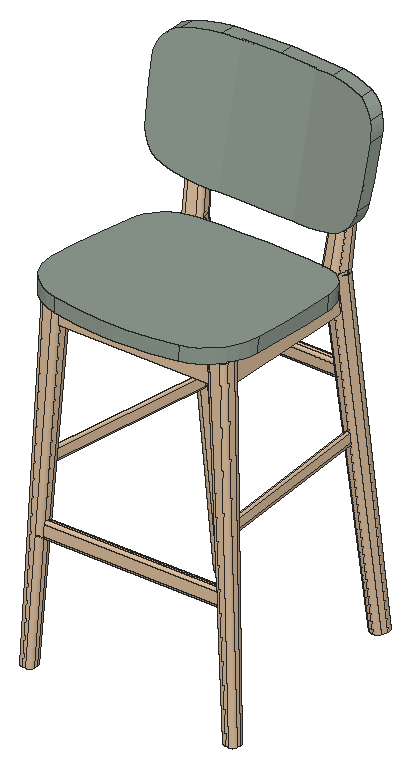
Revit family "FU_Stool_Sandler_Celina 4-11", category Furniture, Revit 2020
Family settings
  OmniClass Number = 23.40.20.00
  OmniClass Title = General Furniture and Specialties
  Work Plane-Based = No
  Always vertical = Yes
  Cut with Voids When Loaded = No
  Shared = No
  Room Calculation Point = No
Parameters (values of type "Celina 4.11")
  Width = 475 mm
  Upholstery = Fabric - Mainline Flax - Bayswater MLF24
  URL = "https://www.sandlerseating.com/product/celina-4-11/"
  Model = "Celina 4.11"
  Manufacturer = "Sandler"
  Height = 1090 mm
  Frame = Wood - Beech - Oiled Oak
  Description = "Counterstool with a fully upholstered seat and wooden back. The frame is in solid beech."
  Depth = 550 mm
  Default Elevation = 0 mm
Reference planes
  plane 1 "Center (Front/Back)": y = 0
  plane 2: z = 0
  plane 3 "Center (Left/Right)": x = 0
  plane 4 "Right": x = -237.5
  plane 5 "Left": x = 237.5
  plane 6 "Back": y = 275
  plane 7 "Front": y = -275
  plane 8 "Height": z = 1090
  plane 9 "Seat height": z = 770
  plane 10 "Seat Frame Base": through (4267.2, 159.453, 701.275) normal (0, -0.0523, -0.9986)
  plane 11: through (4267.2, 256.992, 4.174) normal (0, -0.9912, -0.1325)
  plane 12: through (4267.2, 195.782, 966.959) normal (0, 0.9866, -0.1633)
  plane 13 "BRL C FRONT": x = -169.085
  plane 14 "BL H": z = 741.259
  plane 15 "Cross Stretch RIGHT": z = 402.471
Forms (mm)
  Sweep 1, solid, material "Fabric - Mainline Flax - Bayswater MLF24" <- "Upholstery"
    path origin (0, 0, 0) x (0, 1, 0) y (0, 0, 1)
      loop
        line (154.569, 770) -> (234.758, 1108.042)
    profile "Pro_celina_Back_UPH : Pro_celina_Back_UPH" origin (0, 194.663, 939.021) x (0, -0.972998, 0.230812) y (1, 0, 0)
      loop
        arc (40.165, 250) -> (0, 0) -> (40.165, -250) r 798.125
        line (40.165, -250) -> (70.165, -250)
        arc (70.165, -250) -> (30, 0) -> (70.165, 250) r 798.125
        line (70.165, 250) -> (40.165, 250)
  Extrusion 2, void
    sketch origin (0, 0, 0) x (1, 0, 0) y (0, 0, 1)
      loop
        line (0, 1090) -> (-120, 1090)
        arc (-120, 1090) -> (-157.187, 1088.102) -> (-193.987, 1082.427) r 365.188
        arc (-193.987, 1082.427) -> (-214.772, 1073.022) -> (-229.541, 1055.635) r 52.064
        arc (-229.541, 1055.635) -> (-235.86, 1038.434) -> (-237.5, 1020.182) r 70.03
        arc (-237.5, 1020.182) -> (-236.007, 959.471) -> (-231.011, 898.947) r 1050.98
        arc (-231.011, 898.947) -> (-222.49, 872.227) -> (-204.346, 850.843) r 71.485
        arc (-204.346, 850.843) -> (-187.552, 840.272) -> (-168.882, 833.545) r 92.057
        arc (-168.882, 833.545) -> (-132.35, 824.773) -> (-95.021, 820.522) r 307.517
        arc (-95.021, 820.522) -> (-47.524, 818.407) -> (0, 817.032) r 3053.671
        arc (0, 817.032) -> (47.524, 818.407) -> (95.021, 820.522) r 3053.671
        arc (95.021, 820.522) -> (132.35, 824.773) -> (168.882, 833.545) r 307.517
        arc (168.882, 833.545) -> (187.552, 840.272) -> (204.346, 850.843) r 92.057
        arc (204.346, 850.843) -> (222.49, 872.227) -> (231.011, 898.947) r 71.485
        arc (231.011, 898.947) -> (236.007, 959.471) -> (237.5, 1020.182) r 1050.98
        arc (237.5, 1020.182) -> (235.86, 1038.434) -> (229.541, 1055.635) r 70.03
        arc (229.541, 1055.635) -> (214.772, 1073.022) -> (193.987, 1082.427) r 52.064
        arc (193.987, 1082.427) -> (157.187, 1088.102) -> (120, 1090) r 365.188
        line (120, 1090) -> (0, 1090)
      loop
        line (-260, 1133.116) -> (-260, 753.116) -> (260, 753.116) -> (260, 1133.116) -> (-260, 1133.116)
    from -246.089 to -69.951
  Extrusion 3, solid, material "Wood - Beech - Oiled Oak" <- "Frame"
    sketch origin (0, 37.088, 707.688) x (0, 0.99863, -0.052336) y (1, 0, 0)
      loop
        line (-206.882, 168.434) -> (113.974, 140.363) -> (116.413, 168.234) -> (-204.444, 196.305) -> (-206.882, 168.434)
    from -7 to 40
  Extrusion 4, solid, material "Wood - Beech - Oiled Oak" <- "Frame"
    sketch origin (0, 37.088, 707.688) x (0, 0.99863, -0.052336) y (1, 0, 0)
      loop
        line (-206.882, -168.434) -> (-204.444, -196.305) -> (116.413, -168.234) -> (113.974, -140.363) -> (-206.882, -168.434)
    from -7 to 40
  Extrusion 5, solid, material "Wood - Beech - Oiled Oak" <- "Frame"
    sketch origin (0, 0, 0) x (1, 0, 0) y (0, 0, 1)
      loop
        spline (0, 722.98) -> (-13.573, 723.047) -> (-27.153, 723.18) -> (-40.733, 723.381) -> (-54.308, 723.648) -> (-67.871, 723.981) -> (-81.416, 724.382) -> (-94.937, 724.848) -> (-108.428, 725.381) -> (-121.883, 725.979) -> (-135.296, 726.643) -> (-148.659, 727.372) -> (-161.969, 728.166)
        line (-161.969, 728.166) -> (-164.929, 677.955) -> (164.929, 677.955) -> (161.969, 728.156)
        spline (161.969, 728.156) -> (148.66, 727.367) -> (135.296, 726.643) -> (121.883, 725.982) -> (108.429, 725.387) -> (94.937, 724.856) -> (81.416, 724.391) -> (67.871, 723.991) -> (54.308, 723.657) -> (40.733, 723.389) -> (27.152, 723.187) -> (13.573, 723.05) -> (0, 722.98)
    from 173.5 to 201.5
  Blend 6, solid, material "Wood - Beech - Oiled Oak" <- "Frame"
    base sketch origin (0, 0, 0) x (1, 0, 0) y (0, 1, 0)
      loop
        arc (-224.698, -192.341) -> (-232.122, -195.416) -> (-235.198, -202.841) r 10.5
        line (-235.198, -202.841) -> (-235.198, -210.841)
        arc (-235.198, -210.841) -> (-232.122, -218.265) -> (-224.698, -221.341) r 10.5
        line (-224.698, -221.341) -> (-216.698, -221.341)
        arc (-216.698, -221.341) -> (-209.273, -218.265) -> (-206.198, -210.841) r 10.5
        line (-206.198, -210.841) -> (-206.198, -202.841)
        arc (-206.198, -202.841) -> (-209.273, -195.416) -> (-216.698, -192.341) r 10.5
        line (-216.698, -192.341) -> (-224.698, -192.341)
    top sketch origin (0, 0, 0) x (1, 0, 0) y (0, 1, 0)
      loop
        arc (-190.863, -165.163) -> (-197.934, -168.092) -> (-200.863, -175.163) r 10
        line (-200.863, -175.163) -> (-200.863, -195.903)
        arc (-200.863, -195.903) -> (-197.934, -202.974) -> (-190.863, -205.903) r 10
        line (-190.863, -205.903) -> (-170.215, -205.903)
        arc (-170.215, -205.903) -> (-163.144, -202.974) -> (-160.215, -195.903) r 10
        line (-160.215, -195.903) -> (-160.215, -175.163)
        arc (-160.215, -175.163) -> (-163.144, -168.092) -> (-170.215, -165.163) r 10
        line (-170.215, -165.163) -> (-190.863, -165.163)
    from 0 to 728.156
  Blend 7, solid, material "Wood - Beech - Oiled Oak" <- "Frame"
    base sketch origin (0, 0, 0) x (-1, 0, 0) y (0, -1, 0)
      loop
        line (-224.698, 192.341) -> (-216.698, 192.341)
        arc (-216.698, 192.341) -> (-209.273, 195.416) -> (-206.198, 202.841) r 10.5
        line (-206.198, 202.841) -> (-206.198, 210.841)
        arc (-206.198, 210.841) -> (-209.273, 218.265) -> (-216.698, 221.341) r 10.5
        line (-216.698, 221.341) -> (-224.698, 221.341)
        arc (-224.698, 221.341) -> (-232.122, 218.265) -> (-235.198, 210.841) r 10.5
        line (-235.198, 210.841) -> (-235.198, 202.841)
        arc (-235.198, 202.841) -> (-232.122, 195.416) -> (-224.698, 192.341) r 10.5
    top sketch origin (0, 0, 0) x (-1, 0, 0) y (0, -1, 0)
      loop
        line (-190.863, 165.163) -> (-170.215, 165.163)
        arc (-170.215, 165.163) -> (-163.144, 168.092) -> (-160.215, 175.163) r 10
        line (-160.215, 175.163) -> (-160.215, 195.903)
        arc (-160.215, 195.903) -> (-163.144, 202.974) -> (-170.215, 205.903) r 10
        line (-170.215, 205.903) -> (-190.863, 205.903)
        arc (-190.863, 205.903) -> (-197.934, 202.974) -> (-200.863, 195.903) r 10
        line (-200.863, 195.903) -> (-200.863, 175.163)
        arc (-200.863, 175.163) -> (-197.934, 168.092) -> (-190.863, 165.163) r 10
    from 0 to 728.156
  SweptBlend 8, solid, material "Wood - Beech - Oiled Oak" <- "Frame"
    path origin (-169.085, 0, 0) x (0, 0, -1) y (0, -1, 0)
      loop
        line (3.053, -257.958) -> (-743.383, -158.146)
    profile origin (-169.085, 257.958, -3.053) x (0, 0.991178, 0.13254) y (-1, 0, 0)
      loop
        arc (-9.924, 12.667) -> (-16.974, 7.397) -> (-18.232, -1.314) r 11.5
        line (-18.232, -1.314) -> (-16.697, -7.348)
        arc (-16.697, -7.348) -> (-11.427, -14.398) -> (-2.715, -15.656) r 11.5
        line (-2.715, -15.656) -> (8.773, -12.732)
        arc (8.773, -12.732) -> (15.822, -7.462) -> (17.081, 1.249) r 11.5
        line (17.081, 1.249) -> (15.545, 7.283)
        arc (15.545, 7.283) -> (10.275, 14.332) -> (1.564, 15.591) r 11.5
        line (1.564, 15.591) -> (-9.924, 12.667)
    end profile origin (-169.085, 158.146, 743.383) x (0, 0.991178, 0.13254) y (-1, 0, 0)
      loop
        line (4.626, 6.197) -> (-15.096, 0.888)
        arc (-15.096, 0.888) -> (-21.466, -4.012) -> (-22.505, -11.981) r 10.5
        line (-22.505, -11.981) -> (-17.36, -31.092)
        arc (-17.36, -31.092) -> (-12.46, -37.462) -> (-4.491, -38.501) r 10.5
        line (-4.491, -38.501) -> (15.23, -33.192)
        arc (15.23, -33.192) -> (21.6, -28.292) -> (22.639, -20.323) r 10.5
        line (22.639, -20.323) -> (17.494, -1.212)
        arc (17.494, -1.212) -> (12.594, 5.158) -> (4.626, 6.197) r 10.5
  SweptBlend 9, solid, material "Wood - Beech - Oiled Oak" <- "Frame"
    path origin (-169.085, 0, 0) x (0, 0, -1) y (0, -1, 0)
      loop
        line (-736.013, -157.561) -> (-975.754, -197.237)
    profile origin (-169.085, 157.561, 736.013) x (0, 0.986581, -0.163275) y (-1, 0, 0)
      loop
        line (5.456, 6.197) -> (-14.265, 0.888)
        arc (-14.265, 0.888) -> (-20.635, -4.012) -> (-21.675, -11.981) r 10.5
        line (-21.675, -11.981) -> (-16.53, -31.092)
        arc (-16.53, -31.092) -> (-11.63, -37.462) -> (-3.661, -38.501) r 10.5
        line (-3.661, -38.501) -> (16.06, -33.192)
        arc (16.06, -33.192) -> (22.43, -28.292) -> (23.47, -20.323) r 10.5
        line (23.47, -20.323) -> (18.325, -1.212)
        arc (18.325, -1.212) -> (13.425, 5.158) -> (5.456, 6.197) r 10.5
    end profile origin (-169.085, 197.237, 975.754) x (0, 0.986581, -0.163275) y (-1, 0, 0)
      loop
        arc (10.443, 5.767) -> (6.259, 11.239) -> (-0.569, 12.149) r 9
        line (-0.569, 12.149) -> (-11.406, 9.265)
        arc (-11.406, 9.265) -> (-16.88, 5.078) -> (-17.791, -1.753) r 9.005
        line (-17.791, -1.753) -> (-13.32, -18.551)
        arc (-13.32, -18.551) -> (-9.135, -24.023) -> (-2.307, -24.933) r 9
        line (-2.307, -24.933) -> (8.534, -22.047)
        arc (8.534, -22.047) -> (14.005, -17.863) -> (14.916, -11.035) r 9
        line (14.916, -11.035) -> (10.443, 5.767)
  SweptBlend 10, solid, material "Wood - Beech - Oiled Oak" <- "Frame"
    path origin (169.085, 0, 0) x (0, 0, -1) y (0, 1, 0)
      loop
        line (3.053, 257.958) -> (-743.383, 158.146)
    profile origin (169.085, 257.958, -3.053) x (0, -0.991178, -0.13254) y (1, 0, 0)
      loop
        line (9.924, 12.667) -> (-1.564, 15.591)
        arc (-1.564, 15.591) -> (-10.275, 14.332) -> (-15.545, 7.283) r 11.5
        line (-15.545, 7.283) -> (-17.081, 1.249)
        arc (-17.081, 1.249) -> (-15.822, -7.462) -> (-8.773, -12.732) r 11.5
        line (-8.773, -12.732) -> (2.715, -15.656)
        arc (2.715, -15.656) -> (11.427, -14.398) -> (16.697, -7.348) r 11.5
        line (16.697, -7.348) -> (18.232, -1.314)
        arc (18.232, -1.314) -> (16.974, 7.397) -> (9.924, 12.667) r 11.5
    end profile origin (169.085, 158.146, 743.383) x (0, -0.991178, -0.13254) y (1, 0, 0)
      loop
        arc (-4.626, 6.197) -> (-12.594, 5.158) -> (-17.494, -1.212) r 10.5
        line (-17.494, -1.212) -> (-22.639, -20.323)
        arc (-22.639, -20.323) -> (-21.6, -28.292) -> (-15.23, -33.192) r 10.5
        line (-15.23, -33.192) -> (4.491, -38.501)
        arc (4.491, -38.501) -> (12.46, -37.462) -> (17.36, -31.092) r 10.5
        line (17.36, -31.092) -> (22.505, -11.981)
        arc (22.505, -11.981) -> (21.466, -4.012) -> (15.096, 0.888) r 10.5
        line (15.096, 0.888) -> (-4.626, 6.197)
  SweptBlend 11, solid, material "Wood - Beech - Oiled Oak" <- "Frame"
    path origin (169.085, 0, 0) x (0, 0, -1) y (0, 1, 0)
      loop
        line (-736.013, 157.561) -> (-975.754, 197.237)
    profile origin (169.085, 157.561, 736.013) x (0, -0.986581, 0.163275) y (1, 0, 0)
      loop
        arc (-5.456, 6.197) -> (-13.425, 5.158) -> (-18.325, -1.212) r 10.5
        line (-18.325, -1.212) -> (-23.47, -20.323)
        arc (-23.47, -20.323) -> (-22.43, -28.292) -> (-16.06, -33.192) r 10.5
        line (-16.06, -33.192) -> (3.661, -38.501)
        arc (3.661, -38.501) -> (11.63, -37.462) -> (16.53, -31.092) r 10.5
        line (16.53, -31.092) -> (21.675, -11.981)
        arc (21.675, -11.981) -> (20.635, -4.012) -> (14.265, 0.888) r 10.5
        line (14.265, 0.888) -> (-5.456, 6.197)
    end profile origin (169.085, 197.237, 975.754) x (0, -0.986581, 0.163275) y (1, 0, 0)
      loop
        line (-10.443, 5.767) -> (-14.916, -11.035)
        arc (-14.916, -11.035) -> (-14.005, -17.863) -> (-8.534, -22.047) r 9
        line (-8.534, -22.047) -> (2.307, -24.933)
        arc (2.307, -24.933) -> (9.135, -24.023) -> (13.32, -18.551) r 9
        line (13.32, -18.551) -> (17.791, -1.753)
        arc (17.791, -1.753) -> (16.88, 5.078) -> (11.406, 9.265) r 9.005
        line (11.406, 9.265) -> (0.569, 12.149)
        arc (0.569, 12.149) -> (-6.259, 11.239) -> (-10.443, 5.767) r 9
  Extrusion 12, void
    sketch origin (0, 0, 0) x (1, 0, 0) y (0, 1, 0)
      loop
        line (-200.713, 290.36) -> (-200.713, 230.36) -> (-140.713, 230.36) -> (-140.713, 290.36) -> (-200.713, 290.36)
    from 0 to -10
  Extrusion 13, void
    sketch origin (0, 0, 0) x (-1, 0, 0) y (0, -1, 0)
      loop
        line (-200.713, -290.36) -> (-140.713, -290.36) -> (-140.713, -230.36) -> (-200.713, -230.36) -> (-200.713, -290.36)
    from 0 to -10
  Extrusion 14, solid, material "Wood - Beech - Oiled Oak" <- "Frame"
    sketch origin (0, 0, 0) x (0, 1, 0) y (0, 0, 1)
      loop
        arc (-209.827, 259.938) -> (-208.115, 255.614) -> (-203.828, 253.811) r 6
        line (-203.828, 253.811) -> (-197.594, 253.811)
        arc (-197.594, 253.811) -> (-193.396, 255.524) -> (-191.595, 259.685) r 6
        line (-191.595, 259.685) -> (-191.084, 283.964)
        arc (-191.084, 283.964) -> (-192.795, 288.288) -> (-197.082, 290.09) r 6
        line (-197.082, 290.09) -> (-203.3, 290.09)
        arc (-203.3, 290.09) -> (-207.51, 288.372) -> (-209.316, 284.2) r 6.017
        line (-209.316, 284.2) -> (-209.827, 259.938)
    from -204 to 204
  Extrusion 15, solid, material "Wood - Beech - Oiled Oak" <- "Frame"
    sketch origin (0, 384.812, 261.678) x (0, 1, 0) y (0, 0, 1)
      loop
        arc (-209.597, 258.954) -> (-207.212, 254.962) -> (-202.691, 253.872) r 6
        line (-202.691, 253.872) -> (-196.538, 254.875)
        arc (-196.538, 254.875) -> (-192.67, 257.241) -> (-191.562, 261.637) r 6
        line (-191.562, 261.637) -> (-194.961, 285.681)
        arc (-194.961, 285.681) -> (-197.346, 289.674) -> (-201.867, 290.763) r 6
        line (-201.867, 290.763) -> (-208.004, 289.763)
        arc (-208.004, 289.763) -> (-211.882, 287.391) -> (-212.994, 282.982) r 6.017
        line (-212.994, 282.982) -> (-209.597, 258.954)
    from -170 to 170
  Blend 16, solid, material "Wood - Beech - Oiled Oak" <- "Frame"
    base sketch origin (0, 0, 0) x (1, 0, 0) y (0, 0, 1)
      loop
        arc (-204.013, 392.248) -> (-202.593, 388.608) -> (-199.015, 387.042) r 5.1
        arc (-199.015, 387.042) -> (-195.511, 388.532) -> (-194.016, 392.033) r 5.1
        line (-194.016, 392.033) -> (-193.599, 411.833)
        arc (-193.599, 411.833) -> (-195.016, 415.47) -> (-198.591, 417.039) r 5.1
        arc (-198.591, 417.039) -> (-202.1, 415.543) -> (-203.597, 412.034) r 5.114
        line (-203.597, 412.034) -> (-204.013, 392.248)
    top sketch origin (0, 0, 0) x (1, 0, 0) y (0, 0, 1)
      loop
        arc (-162.73, 392.248) -> (-161.31, 388.608) -> (-157.731, 387.042) r 5.1
        arc (-157.731, 387.042) -> (-154.227, 388.532) -> (-152.732, 392.033) r 5.1
        line (-152.732, 392.033) -> (-152.315, 411.833)
        arc (-152.315, 411.833) -> (-153.733, 415.47) -> (-157.307, 417.039) r 5.1
        arc (-157.307, 417.039) -> (-160.816, 415.543) -> (-162.313, 412.034) r 5.114
        line (-162.313, 412.034) -> (-162.73, 392.248)
    from 185 to -195
  Blend 17, solid, material "Wood - Beech - Oiled Oak" <- "Frame"
    base sketch origin (0, 0, 0) x (-1, 0, 0) y (0, 0, -1)
      loop
        line (-204.013, -392.248) -> (-203.597, -412.034)
        arc (-203.597, -412.034) -> (-202.1, -415.543) -> (-198.591, -417.039) r 5.114
        arc (-198.591, -417.039) -> (-195.016, -415.47) -> (-193.599, -411.833) r 5.1
        line (-193.599, -411.833) -> (-194.016, -392.033)
        arc (-194.016, -392.033) -> (-195.511, -388.532) -> (-199.015, -387.042) r 5.1
        arc (-199.015, -387.042) -> (-202.593, -388.608) -> (-204.013, -392.248) r 5.1
    top sketch origin (0, 0, 0) x (-1, 0, 0) y (0, 0, -1)
      loop
        line (-162.73, -392.248) -> (-162.313, -412.034)
        arc (-162.313, -412.034) -> (-160.816, -415.543) -> (-157.307, -417.039) r 5.114
        arc (-157.307, -417.039) -> (-153.733, -415.47) -> (-152.315, -411.833) r 5.1
        line (-152.315, -411.833) -> (-152.732, -392.033)
        arc (-152.732, -392.033) -> (-154.227, -388.532) -> (-157.731, -387.042) r 5.1
        arc (-157.731, -387.042) -> (-161.31, -388.608) -> (-162.73, -392.248) r 5.1
    from 185 to -195
  Extrusion 18, void
    sketch origin (0, -1.247, 716.188) x (-1, 0, 0) y (0, -0.99863, 0.052336)
      loop
        arc (214.558, -57.177) -> (221.795, 42.482) -> (224.696, 142.362) r 2299.665
        arc (224.696, 142.362) -> (199.156, 211.771) -> (134.193, 247.125) r 105
        arc (134.193, 247.125) -> (0, 256.431) -> (-134.193, 247.125) r 972.123
        arc (-134.193, 247.125) -> (-199.156, 211.771) -> (-224.696, 142.362) r 105
        arc (-224.696, 142.362) -> (-221.795, 42.482) -> (-214.558, -57.177) r 2299.665
        arc (-214.558, -57.177) -> (-192.741, -114.92) -> (-140.647, -148.032) r 97.621
        arc (-140.647, -148.032) -> (0, -160.406) -> (140.647, -148.032) r 805.516
        arc (140.647, -148.032) -> (192.741, -114.92) -> (214.558, -57.177) r 97.621
      loop
        line (248.521, -200.925) -> (248.521, 289.075) -> (-251.479, 289.075) -> (-251.479, -200.925) -> (248.521, -200.925)
    from 47.032 to -5.681
  Sweep 19, solid, material "Fabric - Mainline Flax - Bayswater MLF24" <- "Upholstery"
    path origin (0, -1.247, 716.188) x (-1, 0, 0) y (0, -0.99863, 0.052336)
      loop
        line (0, 274.741) -> (0, -195.259)
    profile "Pro_celina_Seat_UPH : Pro_celina_Seat_UPH" origin (0, -40.934, 718.268) x (-1, 0, 0) y (0, 0.052336, 0.99863)
      loop
        arc (-226.228, 11.375) -> (0, 0) -> (226.228, 11.375) r 2255.339
        line (226.228, 11.375) -> (226.228, 41.375)
        arc (226.228, 41.375) -> (0, 30) -> (-226.228, 41.375) r 2255.339
        line (-226.228, 41.375) -> (-226.228, 11.375)
Cuts and joins
  Extrusion 12, Extrusion 13 cuts SweptBlend 8
  Extrusion 13 cuts SweptBlend 10
  Extrusion 18 cuts Sweep 19
  Extrusion 2 cuts Sweep 1
Dimensions and locks
  equal spacing: plane 4 "Right", plane 3 "Center (Left/Right)", plane 5 "Left"
  "Width": plane 4 "Right" to plane 5 "Left"
  equal spacing: plane 6 "Back", plane 1 "Center (Front/Back)", plane 7 "Front"
  "Depth": plane 6 "Back" to plane 7 "Front"
  "Height": plane 8 "Height" to level
  plane 9 "Seat height" to level = 770 mm
  aligned and locked: level to plane 2
Automatic sketch dimensions
  Sweep 1 sketch curve to plane 9 "Seat height" = 0 mm
  Sweep 1 sketch curve to plane 6 "Back" = 120.431 mm
  plane 8 "Height" to Sweep 1 sketch curve = 18.042 mm
  Sweep 1 sketch curve to plane 6 "Back" = 40.242 mm
  plane 4 "Right" to Extrusion 2 sketch curve = 0 mm
  Extrusion 2 sketch curve to plane 8 "Height" = 0 mm
  Extrusion 2 sketch curve to plane 3 "Center (Left/Right)" = 0 mm  (x2)
  plane 5 "Left" to Extrusion 2 sketch curve = 0 mm
  plane 4 "Right" to Extrusion 2 sketch curve = 22.5 mm
  Extrusion 2 sketch curve to plane 8 "Height" = 74.355 mm  (x2)
  Extrusion 2 sketch curve to Extrusion 2 sketch curve = 553.47 mm  (x2)
  plane 13 "BRL C FRONT" to Extrusion 2 sketch curve = 14.354 mm
  Extrusion 2 sketch curve to plane 13 "BRL C FRONT" = 1.555 mm
  Extrusion 2 sketch curve to plane 13 "BRL C FRONT" = 9.117 mm
  Extrusion 2 sketch curve to Extrusion 2 sketch curve = 12.771 mm  (x2)
  Extrusion 2 sketch curve to plane 14 "BL H" = 16.447 mm  (x2)
  Extrusion 2 sketch curve to plane 13 "BRL C FRONT" = 49.085 mm
  Extrusion 2 sketch curve to Extrusion 2 sketch curve = 41.05 mm
  Extrusion 2 sketch curve to plane 3 "Center (Left/Right)" = 64.564 mm
  plane 3 "Center (Left/Right)" to Extrusion 2 sketch curve = 64.564 mm
  plane 8 "Height" to Extrusion 2 sketch curve = 37.618 mm  (x2)
  plane 3 "Center (Left/Right)" to Extrusion 2 sketch curve = 78.95 mm
  plane 5 "Left" to Extrusion 2 sketch curve = 117.5 mm
  plane 5 "Left" to Extrusion 2 sketch curve = 90.303 mm
  plane 5 "Left" to Extrusion 2 sketch curve = 69.97 mm
  Extrusion 2 sketch curve to Extrusion 2 sketch curve = 15.909 mm
  Extrusion 2 sketch curve to plane 5 "Left" = 22.5 mm
  plane 14 "BL H" to Extrusion 2 sketch curve = 11.857 mm
  plane 9 "Seat height" to Extrusion 2 sketch curve = 136.884 mm  (x2)
  Extrusion 2 sketch curve to Extrusion 2 sketch curve = 16.127 mm  (x2)
  Extrusion 2 sketch curve to plane 8 "Height" = 66.906 mm  (x2)
  Extrusion 2 sketch curve to Extrusion 2 sketch curve = 8.349 mm  (x2)
  plane 8 "Height" to Extrusion 2 sketch curve = 43.116 mm
  Extrusion 2 sketch curve to Extrusion 2 sketch curve = 2742.401 mm
  Extrusion 2 sketch curve to Extrusion 2 sketch curve = 0 mm  (x9)
  Extrusion 2 sketch curve to Extrusion 2 sketch curve = 71.043 mm
  Extrusion 2 sketch curve to plane 13 "BRL C FRONT" = 0.203 mm
  plane 9 "Seat height" to Extrusion 2 sketch curve = 63.545 mm
  plane 5 "Left" to Extrusion 3 sketch curve = 69.066 mm
  plane 5 "Left" to Extrusion 3 sketch curve = 41.195 mm
  Extrusion 3 sketch curve to Extrusion 3 sketch curve = 2.438 mm
  plane 5 "Left" to Extrusion 3 sketch curve = 97.137 mm
  plane 13 "BRL C FRONT" to Extrusion 4 sketch curve = 0.651 mm
  Extrusion 4 sketch curve to plane 13 "BRL C FRONT" = 27.22 mm
  Extrusion 4 sketch curve to Extrusion 4 sketch curve = 2.438 mm
  plane 13 "BRL C FRONT" to Extrusion 4 sketch curve = 28.722 mm
  Extrusion 5 sketch curve to plane 13 "BRL C FRONT" = 4.156 mm
  Extrusion 5 sketch curve to plane 13 "BRL C FRONT" = 7.116 mm
  Extrusion 5 sketch curve to plane 14 "BL H" = 13.103 mm
  plane 5 "Left" to Extrusion 5 sketch curve = 75.531 mm
  Extrusion 5 sketch curve to Extrusion 5 sketch curve = 2.96 mm
  Extrusion 5 sketch curve to Extrusion 5 sketch curve = 50.201 mm
  Extrusion 5 sketch curve to Extrusion 5 sketch curve = 50.211 mm
  Extrusion 5 sketch curve to plane 3 "Center (Left/Right)" = 28.551 mm
  Extrusion 5 sketch curve to plane 3 "Center (Left/Right)" = 0 mm
  plane 3 "Center (Left/Right)" to Extrusion 5 sketch curve = 28.575 mm
  plane 9 "Seat height" to Extrusion 5 sketch curve = 91.627 mm
  Extrusion 5 sketch curve to plane 5 "Left" = 370.996 mm
  Extrusion 5 sketch curve to Extrusion 5 sketch curve = 57.126 mm
  Blend 6 sketch curve to plane 4 "Right" = 2.302 mm
  Blend 6 sketch curve to plane 4 "Right" = 12.802 mm
  Blend 6 sketch curve to Blend 6 sketch curve = 0 mm
  Blend 6 sketch curve to Blend 6 sketch curve = 8 mm  (x3)
  Blend 6 sketch curve to Blend 6 sketch curve = 10.5 mm
  plane 7 "Front" to Blend 6 sketch curve = 53.659 mm
  plane 13 "BRL C FRONT" to Blend 6 sketch curve = 31.778 mm
  Blend 6 sketch curve to Blend 6 sketch curve = 10 mm  (x2)
  plane 13 "BRL C FRONT" to Blend 6 sketch curve = 1.13 mm  (x2)
  Blend 6 sketch curve to plane 13 "BRL C FRONT" = 8.87 mm
  plane 7 "Front" to Blend 6 sketch curve = 69.097 mm
  Blend 6 sketch curve to Blend 6 sketch curve = 20.739 mm
  Blend 7 sketch curve to plane 5 "Left" = 2.302 mm
  Blend 7 sketch curve to plane 5 "Left" = 12.802 mm
  Blend 7 sketch curve to Blend 7 sketch curve = 0 mm
  Blend 7 sketch curve to Blend 7 sketch curve = 8 mm  (x3)
  Blend 7 sketch curve to Blend 7 sketch curve = 10.5 mm
  Blend 7 sketch curve to plane 7 "Front" = 53.659 mm
  Blend 7 sketch curve to plane 5 "Left" = 36.637 mm
  Blend 7 sketch curve to Blend 7 sketch curve = 10 mm  (x3)
  Blend 7 sketch curve to Blend 7 sketch curve = 20.648 mm  (x2)
  Blend 7 sketch curve to plane 7 "Front" = 69.097 mm
  Blend 7 sketch curve to Blend 7 sketch curve = 20.739 mm
  plane 11 to SweptBlend 8 sketch curve = 0 mm  (x2)
  plane 14 "BL H" to SweptBlend 8 sketch curve = 2.124 mm
  SweptBlend 8 sketch curve to level = 3.053 mm
  SweptBlend 8 sketch curve to plane 13 "BRL C FRONT" = 1.314 mm
  profile plane to SweptBlend 8 sketch curve = 18.232 mm
  SweptBlend 8 sketch curve to plane 13 "BRL C FRONT" = 7.348 mm
  SweptBlend 8 sketch curve to SweptBlend 8 sketch curve = 1.536 mm  (x2)
  profile plane to SweptBlend 8 sketch curve = 9.924 mm
  plane 13 "BRL C FRONT" to SweptBlend 8 sketch curve = 1.522 mm
  profile plane to SweptBlend 8 sketch curve = 7.088 mm
  profile plane to SweptBlend 8 sketch curve = 5.552 mm
  profile plane to SweptBlend 8 sketch curve = 2.715 mm
  SweptBlend 8 sketch curve to profile plane = 1.564 mm
  SweptBlend 8 sketch curve to profile plane = 4.4 mm
  SweptBlend 8 sketch curve to plane 13 "BRL C FRONT" = 1.587 mm
  SweptBlend 8 sketch curve to profile plane = 5.936 mm
  SweptBlend 8 sketch curve to profile plane = 8.773 mm
  plane 13 "BRL C FRONT" to SweptBlend 8 sketch curve = 7.283 mm
  SweptBlend 8 sketch curve to SweptBlend 8 sketch curve = 11.145 mm
  plane 13 "BRL C FRONT" to SweptBlend 8 sketch curve = 1.249 mm
  SweptBlend 8 sketch curve to SweptBlend 8 sketch curve = 2.924 mm
  plane 13 "BRL C FRONT" to SweptBlend 8 sketch curve = 4.446 mm
  profile plane to SweptBlend 8 sketch curve = 22.505 mm
  profile plane to SweptBlend 8 sketch curve = 17.36 mm
  plane 13 "BRL C FRONT" to SweptBlend 8 sketch curve = 0.888 mm
  SweptBlend 8 sketch curve to SweptBlend 8 sketch curve = 7.409 mm
  SweptBlend 8 sketch curve to plane 13 "BRL C FRONT" = 9.251 mm
  SweptBlend 8 sketch curve to SweptBlend 8 sketch curve = 2.73 mm  (x4)
  profile plane to SweptBlend 8 sketch curve = 7.221 mm
  profile plane to SweptBlend 8 sketch curve = 4.491 mm
  SweptBlend 8 sketch curve to profile plane = 4.626 mm
  SweptBlend 8 sketch curve to profile plane = 7.355 mm
  SweptBlend 8 sketch curve to profile plane = 12.5 mm
  SweptBlend 8 sketch curve to plane 13 "BRL C FRONT" = 1.212 mm
  SweptBlend 8 sketch curve to SweptBlend 8 sketch curve = 10.139 mm  (x2)
  SweptBlend 8 sketch curve to SweptBlend 8 sketch curve = 19.111 mm  (x2)
  SweptBlend 8 sketch curve to plane 13 "BRL C FRONT" = 3.942 mm
  plane 12 to SweptBlend 9 sketch curve = 0 mm  (x2)
  SweptBlend 9 sketch curve to plane 6 "Back" = 77.763 mm
  SweptBlend 9 sketch curve to plane 14 "BL H" = 5.246 mm
  profile plane to SweptBlend 9 sketch curve = 21.675 mm
  profile plane to SweptBlend 9 sketch curve = 16.53 mm
  plane 13 "BRL C FRONT" to SweptBlend 9 sketch curve = 0.888 mm
  profile plane to SweptBlend 9 sketch curve = 14.265 mm
  SweptBlend 9 sketch curve to plane 13 "BRL C FRONT" = 9.251 mm
  SweptBlend 9 sketch curve to SweptBlend 9 sketch curve = 10.139 mm  (x3)
  profile plane to SweptBlend 9 sketch curve = 6.391 mm
  profile plane to SweptBlend 9 sketch curve = 3.661 mm
  SweptBlend 9 sketch curve to profile plane = 5.456 mm
  SweptBlend 9 sketch curve to plane 13 "BRL C FRONT" = 3.942 mm
  SweptBlend 9 sketch curve to profile plane = 8.186 mm
  SweptBlend 9 sketch curve to profile plane = 13.331 mm
  SweptBlend 9 sketch curve to SweptBlend 9 sketch curve = 2.73 mm  (x3)
  SweptBlend 9 sketch curve to plane 13 "BRL C FRONT" = 1.212 mm
  SweptBlend 9 sketch curve to SweptBlend 9 sketch curve = 19.111 mm  (x2)
  SweptBlend 9 sketch curve to plane 13 "BRL C FRONT" = 1.753 mm
  profile plane to SweptBlend 9 sketch curve = 17.791 mm
  profile plane to SweptBlend 9 sketch curve = 13.32 mm
  profile plane to SweptBlend 9 sketch curve = 11.406 mm
  plane 13 "BRL C FRONT" to SweptBlend 9 sketch curve = 0.563 mm
  SweptBlend 9 sketch curve to SweptBlend 9 sketch curve = 2.316 mm
  profile plane to SweptBlend 9 sketch curve = 4.622 mm
  profile plane to SweptBlend 9 sketch curve = 2.307 mm
  profile plane to SweptBlend 9 sketch curve = 0.569 mm
  SweptBlend 9 sketch curve to profile plane = 1.746 mm
  SweptBlend 9 sketch curve to profile plane = 6.218 mm
  SweptBlend 9 sketch curve to profile plane = 8.534 mm
  plane 13 "BRL C FRONT" to SweptBlend 9 sketch curve = 5.767 mm
  SweptBlend 9 sketch curve to SweptBlend 9 sketch curve = 8.697 mm  (x2)
  SweptBlend 9 sketch curve to plane 13 "BRL C FRONT" = 11.035 mm
  SweptBlend 9 sketch curve to SweptBlend 9 sketch curve = 2.315 mm  (x2)
  SweptBlend 9 sketch curve to SweptBlend 9 sketch curve = 2.886 mm
  plane 13 "BRL C FRONT" to SweptBlend 9 sketch curve = 3.452 mm
  SweptBlend 10 sketch curve to plane 11 = 0 mm
  plane 11 to SweptBlend 10 sketch curve = 0 mm
  plane 14 "BL H" to SweptBlend 10 sketch curve = 2.124 mm
  SweptBlend 10 sketch curve to level = 3.053 mm
  profile plane to SweptBlend 10 sketch curve = 1.249 mm
  profile plane to SweptBlend 10 sketch curve = 17.081 mm
  profile plane to SweptBlend 10 sketch curve = 7.283 mm
  SweptBlend 10 sketch curve to SweptBlend 10 sketch curve = 1.536 mm  (x3)
  profile plane to SweptBlend 10 sketch curve = 8.773 mm
  SweptBlend 10 sketch curve to profile plane = 1.587 mm
  profile plane to SweptBlend 10 sketch curve = 5.936 mm
  profile plane to SweptBlend 10 sketch curve = 4.4 mm
  profile plane to SweptBlend 10 sketch curve = 1.564 mm
  SweptBlend 10 sketch curve to profile plane = 2.715 mm
  SweptBlend 10 sketch curve to profile plane = 5.552 mm
  profile plane to SweptBlend 10 sketch curve = 1.522 mm
  SweptBlend 10 sketch curve to profile plane = 9.924 mm
  SweptBlend 10 sketch curve to profile plane = 7.348 mm
  SweptBlend 10 sketch curve to SweptBlend 10 sketch curve = 11.145 mm
  SweptBlend 10 sketch curve to profile plane = 1.314 mm
  SweptBlend 10 sketch curve to SweptBlend 10 sketch curve = 2.924 mm
  profile plane to SweptBlend 10 sketch curve = 4.446 mm
  profile plane to SweptBlend 10 sketch curve = 22.639 mm
  SweptBlend 10 sketch curve to profile plane = 1.212 mm
  profile plane to SweptBlend 10 sketch curve = 17.494 mm
  SweptBlend 10 sketch curve to SweptBlend 10 sketch curve = 7.409 mm
  SweptBlend 10 sketch curve to SweptBlend 10 sketch curve = 10.139 mm  (x3)
  profile plane to SweptBlend 10 sketch curve = 7.355 mm
  profile plane to SweptBlend 10 sketch curve = 4.626 mm
  SweptBlend 10 sketch curve to profile plane = 4.491 mm
  SweptBlend 10 sketch curve to profile plane = 7.221 mm
  SweptBlend 10 sketch curve to profile plane = 12.366 mm
  profile plane to SweptBlend 10 sketch curve = 0.888 mm
  SweptBlend 10 sketch curve to SweptBlend 10 sketch curve = 2.73 mm  (x3)
  SweptBlend 10 sketch curve to profile plane = 11.981 mm
  SweptBlend 10 sketch curve to SweptBlend 10 sketch curve = 19.111 mm  (x2)
  SweptBlend 10 sketch curve to profile plane = 3.942 mm
  plane 12 to SweptBlend 11 sketch curve = 0 mm
  SweptBlend 11 sketch curve to plane 12 = 0 mm
  SweptBlend 11 sketch curve to plane 6 "Back" = 77.763 mm
  SweptBlend 11 sketch curve to plane 14 "BL H" = 5.246 mm
  profile plane to SweptBlend 11 sketch curve = 23.47 mm
  SweptBlend 11 sketch curve to profile plane = 1.212 mm
  profile plane to SweptBlend 11 sketch curve = 18.325 mm
  SweptBlend 11 sketch curve to SweptBlend 11 sketch curve = 7.409 mm
  SweptBlend 11 sketch curve to SweptBlend 11 sketch curve = 10.139 mm  (x3)
  SweptBlend 11 sketch curve to profile plane = 3.942 mm
  profile plane to SweptBlend 11 sketch curve = 8.186 mm
  profile plane to SweptBlend 11 sketch curve = 5.456 mm
  SweptBlend 11 sketch curve to profile plane = 3.661 mm
  SweptBlend 11 sketch curve to profile plane = 6.391 mm
  SweptBlend 11 sketch curve to profile plane = 11.536 mm
  profile plane to SweptBlend 11 sketch curve = 0.888 mm
  SweptBlend 11 sketch curve to SweptBlend 11 sketch curve = 2.73 mm  (x3)
  SweptBlend 11 sketch curve to profile plane = 11.981 mm
  SweptBlend 11 sketch curve to SweptBlend 11 sketch curve = 19.111 mm  (x2)
  profile plane to SweptBlend 11 sketch curve = 14.916 mm
  profile plane to SweptBlend 11 sketch curve = 10.443 mm
  profile plane to SweptBlend 11 sketch curve = 8.534 mm
  profile plane to SweptBlend 11 sketch curve = 6.218 mm
  profile plane to SweptBlend 11 sketch curve = 1.746 mm
  SweptBlend 11 sketch curve to profile plane = 0.569 mm
  SweptBlend 11 sketch curve to profile plane = 2.307 mm
  SweptBlend 11 sketch curve to profile plane = 4.622 mm
  profile plane to SweptBlend 11 sketch curve = 0.563 mm
  SweptBlend 11 sketch curve to profile plane = 9.089 mm
  SweptBlend 11 sketch curve to SweptBlend 11 sketch curve = 2.316 mm
  SweptBlend 11 sketch curve to SweptBlend 11 sketch curve = 8.697 mm
  SweptBlend 11 sketch curve to profile plane = 1.753 mm
  SweptBlend 11 sketch curve to SweptBlend 11 sketch curve = 8.702 mm
  SweptBlend 11 sketch curve to profile plane = 11.035 mm
  SweptBlend 11 sketch curve to SweptBlend 11 sketch curve = 2.315 mm  (x2)
  SweptBlend 11 sketch curve to SweptBlend 11 sketch curve = 2.886 mm
  profile plane to SweptBlend 11 sketch curve = 3.452 mm
  profile plane to SweptBlend 11 sketch curve = 5.767 mm
  plane 13 "BRL C FRONT" to Extrusion 12 sketch curve = 31.628 mm
  Extrusion 12 sketch curve to plane 13 "BRL C FRONT" = 28.372 mm
  Extrusion 12 sketch curve to plane 6 "Back" = 44.64 mm
  plane 6 "Back" to Extrusion 12 sketch curve = 15.36 mm
  Extrusion 13 sketch curve to plane 5 "Left" = 36.787 mm
  Extrusion 13 sketch curve to Extrusion 13 sketch curve = 60 mm
  plane 6 "Back" to Extrusion 13 sketch curve = 44.64 mm
  Extrusion 13 sketch curve to plane 6 "Back" = 15.36 mm
  plane 7 "Front" to Extrusion 14 sketch curve = 65.173 mm
  Extrusion 14 sketch curve to Extrusion 14 sketch curve = 0.511 mm
  Extrusion 14 sketch curve to Extrusion 14 sketch curve = 5.999 mm  (x3)
  Extrusion 14 sketch curve to Extrusion 14 sketch curve = 6.016 mm
  Extrusion 14 sketch curve to Extrusion 14 sketch curve = 6.235 mm
  Extrusion 14 sketch curve to Extrusion 14 sketch curve = 6.218 mm
  Extrusion 14 sketch curve to plane 15 "Cross Stretch RIGHT" = 148.66 mm
  Extrusion 14 sketch curve to Extrusion 14 sketch curve = 5.874 mm
  Extrusion 14 sketch curve to Extrusion 14 sketch curve = 6 mm
  Extrusion 14 sketch curve to Extrusion 14 sketch curve = 24.278 mm
  Extrusion 14 sketch curve to Extrusion 14 sketch curve = 0.109 mm
  Extrusion 14 sketch curve to Extrusion 14 sketch curve = 0.126 mm
  Extrusion 15 sketch curve to plane 6 "Back" = 103.182 mm
  Extrusion 15 sketch curve to Extrusion 15 sketch curve = 3.397 mm
  Extrusion 15 sketch curve to Extrusion 15 sketch curve = 4.99 mm
  Extrusion 15 sketch curve to Extrusion 15 sketch curve = 5.958 mm
  Extrusion 15 sketch curve to Extrusion 15 sketch curve = 5.941 mm  (x3)
  Extrusion 15 sketch curve to Extrusion 15 sketch curve = 0.965 mm  (x3)
  Extrusion 15 sketch curve to Extrusion 15 sketch curve = 6.137 mm
  Extrusion 15 sketch curve to Extrusion 15 sketch curve = 6.153 mm
  plane 15 "Cross Stretch RIGHT" to Extrusion 15 sketch curve = 113.079 mm
  Extrusion 15 sketch curve to Extrusion 15 sketch curve = 1.003 mm
  Extrusion 15 sketch curve to Extrusion 15 sketch curve = 5.082 mm
  Extrusion 15 sketch curve to Extrusion 15 sketch curve = 5.922 mm
  Extrusion 15 sketch curve to Extrusion 15 sketch curve = 24.028 mm
  Extrusion 15 sketch curve to Extrusion 15 sketch curve = 0.842 mm
  Extrusion 15 sketch curve to Extrusion 15 sketch curve = 1.017 mm
  Extrusion 15 sketch curve to Extrusion 15 sketch curve = 0.84 mm
  Blend 16 sketch curve to plane 15 "Cross Stretch RIGHT" = 10.223 mm
  Blend 16 sketch curve to plane 4 "Right" = 33.487 mm
  plane 15 "Cross Stretch RIGHT" to Blend 16 sketch curve = 9.562 mm
  Blend 16 sketch curve to Blend 16 sketch curve = 0.417 mm
  Blend 16 sketch curve to Blend 16 sketch curve = 4.899 mm  (x6)
  Blend 16 sketch curve to Blend 16 sketch curve = 0.2 mm  (x2)
  Blend 16 sketch curve to Blend 16 sketch curve = 0.214 mm  (x2)
  Blend 16 sketch curve to plane 15 "Cross Stretch RIGHT" = 10.438 mm  (x2)
  plane 15 "Cross Stretch RIGHT" to Blend 16 sketch curve = 9.362 mm  (x2)
  Blend 16 sketch curve to Blend 16 sketch curve = 4.885 mm  (x2)
  Blend 16 sketch curve to Blend 16 sketch curve = 0.107 mm  (x3)
  Blend 16 sketch curve to Blend 16 sketch curve = 0 mm  (x2)
  Blend 16 sketch curve to Blend 16 sketch curve = 0.093 mm  (x3)
  Blend 16 sketch curve to Blend 16 sketch curve = 0.014 mm  (x2)
  Blend 16 sketch curve to plane 13 "BRL C FRONT" = 6.355 mm
  Blend 16 sketch curve to plane 13 "BRL C FRONT" = 6.772 mm
  plane 15 "Cross Stretch RIGHT" to Blend 17 sketch curve = 10.223 mm  (x2)
  Blend 17 sketch curve to plane 5 "Left" = 33.487 mm
  Blend 17 sketch curve to plane 15 "Cross Stretch RIGHT" = 9.562 mm  (x2)
  Blend 17 sketch curve to Blend 17 sketch curve = 0.417 mm  (x2)
  Blend 17 sketch curve to Blend 17 sketch curve = 4.899 mm  (x6)
  Blend 17 sketch curve to Blend 17 sketch curve = 0.2 mm  (x2)
  Blend 17 sketch curve to Blend 17 sketch curve = 0.214 mm  (x2)
  plane 15 "Cross Stretch RIGHT" to Blend 17 sketch curve = 10.438 mm  (x2)
  Blend 17 sketch curve to plane 15 "Cross Stretch RIGHT" = 9.362 mm  (x2)
  Blend 17 sketch curve to Blend 17 sketch curve = 4.885 mm  (x2)
  Blend 17 sketch curve to Blend 17 sketch curve = 0.107 mm  (x2)
  Blend 17 sketch curve to Blend 17 sketch curve = 0 mm  (x2)
  Blend 17 sketch curve to Blend 17 sketch curve = 0.093 mm  (x2)
  Blend 17 sketch curve to Blend 17 sketch curve = 0.014 mm  (x2)
  Blend 17 sketch curve to plane 5 "Left" = 74.77 mm
  Extrusion 18 sketch curve to plane 3 "Center (Left/Right)" = 0 mm  (x2)
  plane 3 "Center (Left/Right)" to Extrusion 18 sketch curve = 117.013 mm
  plane 5 "Left" to Extrusion 18 sketch curve = 117.801 mm
  Extrusion 18 sketch curve to plane 5 "Left" = 13.979 mm
  Extrusion 18 sketch curve to Extrusion 18 sketch curve = 1823.429 mm
  Extrusion 18 sketch curve to plane 13 "BRL C FRONT" = 52.072 mm
  Extrusion 18 sketch curve to plane 13 "BRL C FRONT" = 49.386 mm
  plane 4 "Right" to Extrusion 18 sketch curve = 11.021 mm
  Extrusion 18 sketch curve to Extrusion 18 sketch curve = 1826.387 mm
  Extrusion 18 sketch curve to Extrusion 18 sketch curve = 514.766 mm
  Extrusion 18 sketch curve to Extrusion 18 sketch curve = 147.61 mm  (x2)
  Extrusion 18 sketch curve to Extrusion 18 sketch curve = 196.444 mm  (x2)
  Extrusion 18 sketch curve to Extrusion 18 sketch curve = 360.104 mm  (x2)
  Extrusion 18 sketch curve to Extrusion 18 sketch curve = 145.945 mm
  Extrusion 18 sketch curve to Extrusion 18 sketch curve = 356.035 mm
  plane 5 "Left" to Extrusion 18 sketch curve = 103.307 mm
  Extrusion 18 sketch curve to Extrusion 18 sketch curve = 0 mm  (x3)
  plane 5 "Left" to Extrusion 18 sketch curve = 96.853 mm
  plane 5 "Left" to Extrusion 18 sketch curve = 22.942 mm
  Extrusion 18 sketch curve to plane 13 "BRL C FRONT" = 28.438 mm
  Extrusion 18 sketch curve to plane 4 "Right" = 22.942 mm
  Sweep 19 sketch curve to plane 3 "Center (Left/Right)" = 0 mm
  Sweep 19 sketch curve to Sweep 19 sketch curve = 470 mm
